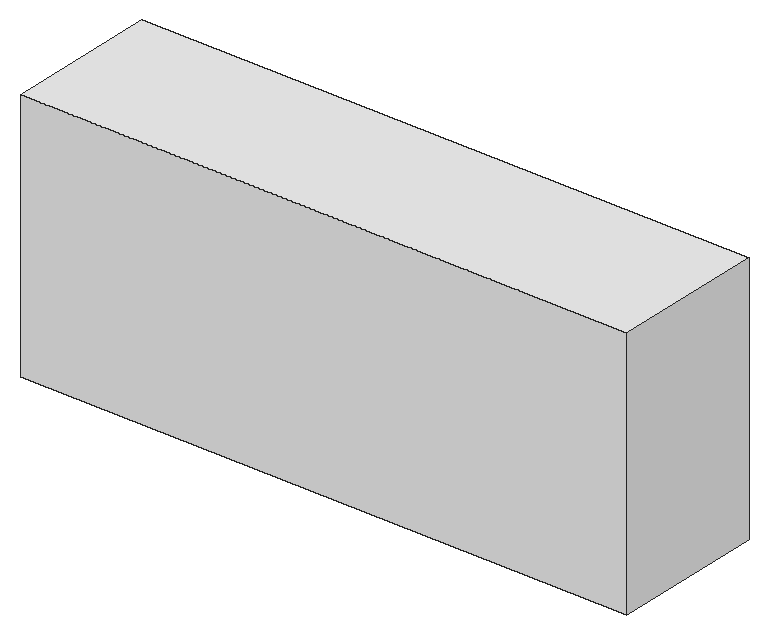
Revit family "Ringbalken_Stb", category Allgemeines Modell, Revit 2018
Family settings
  Kann Basisbauteil für Bewehrung sein = Nein
  Bemaßung runder Anschluss = Durchmesser verwenden
  Teiletyp = Normal
  Beim Laden mit Abzugskörper schneiden = Nein
  Gemeinsam genutzt = Nein
  Raumberechnungspunkt = Nein
Parameters (values of type "UZ_Stb_Innen")
  Material = Stahlbeton
  built-in parameter 1001306 [instance] = 1200 mm
  Höhe [instance] = 500 mm
  Breite [instance] = 300 mm
Reference planes
  plane 1 "Mitte (Vorne/Hinten)": y = 0
  plane 2: z = 0
  plane 3 "Links": x = 0
  plane 4 "Rechts": x = 1200
  plane 5: z = -500
  plane 6: y = -300
Forms (mm)
  Extrusion 1, solid, material "Stahlbeton - Ortbeton"
    sketch origin (0, 0, 0) x (1, 0, 0) y (0, 1, 0)
      loop
        line (0, 0) -> (0, -300) -> (1200, -300) -> (1200, 0) -> (0, 0)
    from -500 to 0
Lines and regions (mm)
  reference lines
    curve 1: line (0, 0, 0) -> (1200, 0, 0)
Dimensions and locks
  "built-in parameter 1001306": plane 3 "Links" to plane 4 "Rechts"
  plane 3 "Links" to Extrusion 1 = 1200 mm
  "Höhe": plane 2 to plane 5
  "Breite": plane 6 to plane 1 "Mitte (Vorne/Hinten)"
  aligned and locked: plane 4 "Rechts" to curve 1
  aligned and locked: plane 1 "Mitte (Vorne/Hinten)" to curve 1
  aligned and locked: plane 3 "Links" to curve 1
  aligned and locked: level to plane 2
  aligned and locked: plane 3 "Links" to Extrusion 1 sketch curve
  aligned and locked: Extrusion 1 sketch curve to plane 4 "Rechts"
  aligned and locked: plane 1 "Mitte (Vorne/Hinten)" to Extrusion 1 sketch curve
  aligned and locked: plane 6 to Extrusion 1 sketch curve
  aligned and locked: Extrusion 1 to plane 5
